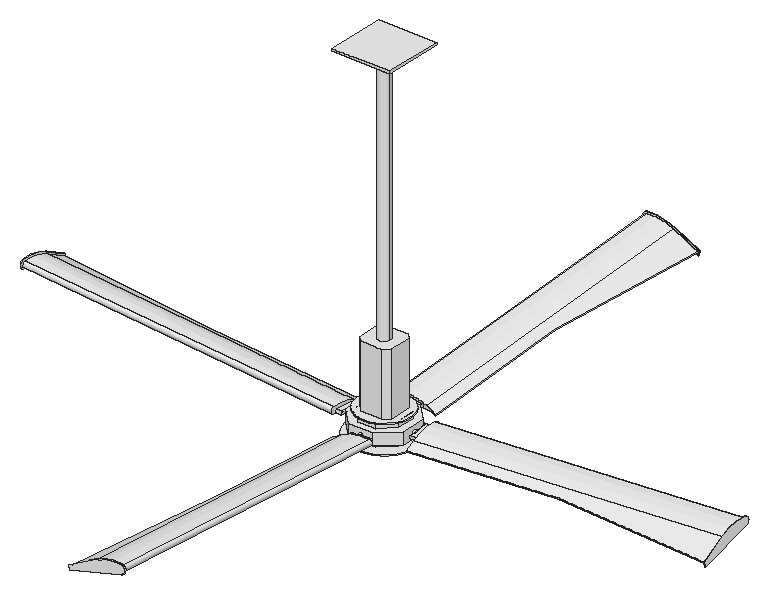
Revit family "Fan_HVLS_RiteHite_Revolution", category Mechanical Equipment, Revit 2015
Parameters (values of type "Fan_HVLS_RiteHite_Revolution")
  offset [instance] = 0' - 0"
  Zone 4 Radius From Center = 85' - 0"
  Zone 3 Radius From Center = 60' - 0"
  Zone 2 Radius From Center = 40' - 0"
  Zone 1 Radius From Center = 20' - 0"
  Weight = "As Specified in 23 34 00"
  Warranty Duration (Years) = 0
  Voltage_MEP = 0 V
  Unit Width = Fan Diameter  # 20' - 0"
  Unit Height [instance] = Ceiling Height - Mounting Height  # 10' - 0"
  Unit Depth = Fan Diameter  # 20' - 0"
  URL = "http://www.ritehite.com/"
  Tip Offset = 1' - 0"
  Test Data = "http://www.ritehite.com/ark/rhweb/rhtrunk.nsf/ETrunk+Overview!OpenPage"
  Specification = "http://www.arcat.com/sdspecs/htm/15830rhc.htm"
  SpecWizard = ""
  Sound Pressure = "40  to 63 dBA depending on fan speed"
  Show Air Movement [instance] = yes
  Send Message = "http://www.arcat.com/users.pl?action=UserEmail&company=Rite-Hite%20Corp.&coid=35200&rep=132&fax=414-355-9248&mf="
  Sales Information = "http://www.ritehite.com/ark/rhweb/rhhome.nsf/fRedirectHit!OpenForm"
  Revision = "R1_11-2010"
  Product Properties = "http://www.arcat.com/bim/bim_info.pl?fn=Rite-Hite"
  Product Data = "http://www.arcat.com/arcatcos/cos35/arc35200.html"
  Phase = 0
  Mounting Height [instance] = 30' - 0"
  Motor HP = 2
  Model = "As Specified in 23 34 00"
  Material = Metal - Aluminum - RiteHite - Polished
  Manufacturer Website = "http://www.ritehite.com/"
  Manufacturer Phone - Toll Free = "888-214-0882"
  Manufacturer Phone = "414-355-2600"
  Manufacturer Fax = "414-355-9248"
  Manufacturer Address = "8900 N. Arbon Dr., Milwaukee, WI 53223"
  Manufacturer = "Rite-Hite Corp"
  Maintenance Schedule (Months) = 0
  MEP Apparent Power = MEP Amperage * Voltage_MEP  # 0 VA
  MEP Amperage = 0 A
  Keynote = "23 34 00"
  Installation-Fabrication = "http://www.ritehite.com/ark/rhweb/rhtrunk.nsf/ETrunk+Overview!OpenPage"
  Installation Phase = ""
  Green Building-LEED = "http://www.arcat.com/green/clients/leed_data_35200.html"
  Fan Diameter = 20' - 0"
  Fan Control = "[Variable Speed][Fan Commander][Analog Remote]"
  Expected Lifespan (Years) = 0
  EA1 = 1
  Drawn By = "Sumex Design, Inc. / Robert S. Weygant, CSI, CDT, SCIP"
  Description = "Fan as Specified in 23 34 00"
  Default Elevation = 4' - 0"
  Copyright = "©Arcat Inc."
  Construction Details = "http://www.ritehite.com/ark/rhweb/rhtrunk.nsf/ETrunk+Overview!OpenPage"
  Ceiling Height [instance] = 40' - 0"
  Building Codes = ""
  Blade Length = ((Fan Diameter / 2) - 0' 10") / cos(Blade Angle)  # 9' - 2.29053"
  Blade Angle = atan((Tip Offset - 0' 4") / ((Fan Diameter / 2) - 0' 10"))  # 4.15964°
  Assembly Code = "D3040100"
  Air Movement (MPH) - Zone 4 = "As Specified in 23 34 00"
  Air Movement (MPH) - Zone 3 = "As Specified in 23 34 00"
  Air Movement (MPH) - Zone 2 = "As Specified in 23 34 00"
  Air Movement (MPH) - Zone 1 = "As Specified in 23 34 00"
  Air Movement (CFM) = "As Specified in 23 34 00"
  Accent Material = Metal - Aluminum - RiteHite - Polished
  4 Blade = yes
Reference planes (in)
  plane 1 "Center (Front/Back)": y = -5.01892
  plane 2 "Bottom": z = 0
  plane 3 "Center (Left/Right)": x = 12
  plane 4 "Front": y = -125.01892
  plane 5 "Back": y = 114.98108
  plane 6 "Left": x = -108
  plane 7 "Right": x = 132
  plane 8 "Top": z = -120
  plane 9: x = 2
  plane 10: x = 22
  plane 11: y = 4.98108
  plane 12: y = -15.01892
  plane 13: z = -90.25
  plane 14: z = -111.75
  plane 15: z = -116
  plane 16 "48" Above Floor": z = -120
  plane 17 "Floor": z = -480
Forms (in)
  Extrusion 1, solid, material "Metal - Aluminum - RiteHite - Polished" <- "Material"
    sketch origin (-41.46432, -180, -120) x (-1, 0, 0) y (0, -1, 0)
      loop
        circle (-53.46432, -174.98108) r 12
    from 0 to 0.25
  Extrusion 2, solid, material "Metal - Aluminum - RiteHite - Polished" <- "Material"
    sketch origin (-49.2961, -180, -116) x (-1, 0, 0) y (0, -1, 0)
      loop
        line (-57.15396, -184.98108) -> (-51.2961, -179.12322) -> (-51.2961, -170.83895) -> (-57.15396, -164.98108) -> (-65.43824, -164.98108) -> (-71.2961, -170.83895) -> (-71.2961, -179.12322) -> (-65.43824, -184.98108) -> (-57.15396, -184.98108)
    from -2 to 2
  Extrusion 3, solid, material "Metal - Aluminum - RiteHite - Polished" <- "Material"
    sketch origin (-60, -180, -111.75) x (-1, 0, 0) y (0, -1, 0)
      loop
        circle (-72, -174.98108) r 9
    from 0 to -0.25
  Extrusion 4, solid, material "Metal - Aluminum - RiteHite - Polished" <- "Material"
    sketch origin (-49.2961, -180, -116) x (-1, 0, 0) y (0, -1, 0)
      loop
        line (-58.1895, -182.48108) -> (-53.7961, -178.08768) -> (-53.7961, -171.87448) -> (-58.1895, -167.48108) -> (-64.4027, -167.48108) -> (-68.7961, -171.87448) -> (-68.7961, -178.08768) -> (-64.4027, -182.48108) -> (-58.1895, -182.48108)
    from -2 to -3.75
  Extrusion 5, solid, material "Metal - Aluminum - RiteHite - Polished" <- "Material"
    sketch origin (-49.2961, -180, -116) x (-1, 0, 0) y (0, -1, 0)
      loop
        line (-58.1895, -182.48108) -> (-53.7961, -178.08768) -> (-53.7961, -171.87448) -> (-58.1895, -167.48108) -> (-64.4027, -167.48108) -> (-68.7961, -171.87448) -> (-68.7961, -178.08768) -> (-64.4027, -182.48108) -> (-58.1895, -182.48108)
    from 2 to 4
  Extrusion 6, solid, material "Metal - Aluminum - RiteHite - Polished" <- "Material"
    sketch origin (-60, -180, -111.75) x (-1, 0, 0) y (0, -1, 0)
      loop
        line (-68.30761, -180.48108) -> (-66.5, -178.67347) -> (-66.5, -171.28869) -> (-68.30761, -169.48108) -> (-75.69239, -169.48108) -> (-77.5, -171.28869) -> (-77.5, -178.67347) -> (-75.69239, -180.48108) -> (-68.30761, -180.48108)
    from 0 to 21.5
  Extrusion 7, solid, material "Metal - Aluminum - RiteHite - Polished" <- "Material"
    sketch origin (0, 0, 0) x (1, 0, 0) y (0, 1, 0)
      loop
        line (2, 4.98108) -> (2, -15.01892) -> (22, -15.01892) -> (22, 4.98108) -> (2, 4.98108)
    from 0 to -0.75
  Extrusion 8, solid, material "Metal - Aluminum - RiteHite - Polished" <- "Material"
    sketch origin (0, 0, 0) x (1, 0, 0) y (0, 1, 0)
      loop
        circle (12, -5.01892) r 2
    from -0.75 to -90.25
  Blend 9, solid, material "Metal - Aluminum - RiteHite - Polished" <- "Material"
    base sketch origin (-0.03419, -9.95529, 0) x (0.707107, 0.707107, 0) y (-0.707107, 0.707107, 0)
      loop
        line (8.5, -5.26892) -> (15.5, -5.26892) -> (15.5, -4.76892) -> (8.5, -4.76892) -> (8.5, -5.26892)
    top sketch origin (-0.03419, -9.95529, 0) x (0.707107, 0.707107, 0) y (-0.707107, 0.707107, 0)
      loop
        line (13.75, -4.76892) -> (10.25, -4.76892) -> (10.25, -5.26892) -> (13.75, -5.26892) -> (13.75, -4.76892)
    from -0.75 to -8
  Blend 10, solid, material "Metal - Aluminum - RiteHite - Polished" <- "Material"
    base sketch origin (16.93637, -17.05311, 0) x (-0.707107, 0.707107, 0) y (-0.707107, -0.707107, 0)
      loop
        line (8.5, -5.26892) -> (15.5, -5.26892) -> (15.5, -4.76892) -> (8.5, -4.76892) -> (8.5, -5.26892)
    top sketch origin (16.93637, -17.05311, 0) x (-0.707107, 0.707107, 0) y (-0.707107, -0.707107, 0)
      loop
        line (13.75, -4.76892) -> (10.25, -4.76892) -> (10.25, -5.26892) -> (13.75, -5.26892) -> (13.75, -4.76892)
    from -0.75 to -8
Cuts and joins
  joined: Extrusion 8, Blend 9, Blend 10
Lines and regions (in)
  reference lines
    curve 1: line (22, -5.01892, -116) -> (132, -5.01892, -108)
    curve 2: line (2, -5.01892, -116) -> (-108, -5.01892, -108)
    curve 3: line (12, -15.01892, -116) -> (12, -125.01892, -108)
    curve 4: line (12, 4.98108, -116) -> (12, 114.98108, -108)
  model lines, detail levels medium+fine
    curve 5: line (11.05567, -10.51892, -94.5) -> (12.94239, -10.51892, -94.5)
    curve 6: line (11.05567, -10.51892, -111.75) -> (11.05567, -10.51892, -94.5)
    curve 7: line (12.94239, -10.51892, -94.5) -> (12.94239, -10.51892, -111.75)
    curve 8: line (16.39949, -9.81181, -94.5) -> (16.79289, -9.41841, -94.5)
    curve 9: line (16.39949, -9.81181, -111.75) -> (16.39949, -9.81181, -94.5)
    curve 10: line (16.79289, -9.41841, -94.5) -> (16.79289, -9.41841, -111.75)
    curve 11: line (7.20711, -9.41841, -94.5) -> (7.60051, -9.81181, -94.5)
    curve 12: line (7.20711, -9.41841, -111.75) -> (7.20711, -9.41841, -94.5)
    curve 13: line (7.60051, -9.81181, -94.5) -> (7.60051, -9.81181, -111.75)
    curve 14: line (7.60051, -0.22603, -94.5) -> (7.20711, -0.61942, -94.5)
    curve 15: line (7.60051, -0.22603, -111.75) -> (7.60051, -0.22603, -94.5)
    curve 16: line (7.20711, -0.61942, -94.5) -> (7.20711, -0.61942, -111.75)
    curve 17: line (16.79289, -0.61942, -94.5) -> (16.39949, -0.22603, -94.5)
    curve 18: line (16.79289, -0.61942, -111.75) -> (16.79289, -0.61942, -94.5)
    curve 19: line (16.39949, -0.22603, -94.5) -> (16.39949, -0.22603, -111.75)
    curve 20: line (17.5, -5.96131, -94.5) -> (17.5, -4.07653, -94.5)
    curve 21: line (17.5, -5.96131, -111.75) -> (17.5, -5.96131, -94.5)
    curve 22: line (17.5, -4.07653, -94.5) -> (17.5, -4.07653, -111.75)
    curve 23: line (12.94239, 0.48108, -94.5) -> (11.05761, 0.48108, -94.5)
    curve 24: line (12.94239, 0.48108, -111.75) -> (12.94239, 0.48108, -94.5)
    curve 25: line (11.05761, 0.48108, -94.5) -> (11.05761, 0.48108, -111.75)
    curve 26: line (6.5, -4.07653, -94.5) -> (6.5, -5.96131, -94.5)
    curve 27: line (6.5, -4.07653, -111.75) -> (6.5, -4.07653, -94.5)
    curve 28: line (6.5, -5.96131, -94.5) -> (6.5, -5.96131, -111.75)
  model lines, visible <- "Show Air Movement", detail levels fine
    curve 29: circle (12, -5.01892, -120) r 240 normal (0, 0, 1)
    curve 30: circle (12, -5.01892, -120) r 480 normal (0, 0, 1)
    curve 31: circle (12, -5.01892, -120) r 720 normal (0, 0, 1)
    curve 32: circle (12, -5.01892, -120) r 1020 normal (0, 0, 1)
  model lines, style "InvisibleLines", visible <- "Show Air Movement"
    curve 33: line (12, -5.01892, 0) -> (12, -5.01892, -480)
Dimensions and locks (in)
  "Unit Height": level to plane 8 "Top"
  equal spacing: plane 6 "Left", plane 3 "Center (Left/Right)", plane 7 "Right"
  "Unit Width": plane 6 "Left" to plane 7 "Right"
  equal spacing: plane 5 "Back", plane 1 "Center (Front/Back)", plane 4 "Front"
  "Unit Depth": plane 5 "Back" to plane 4 "Front"
  plane 12 to plane 1 "Center (Front/Back)" to plane 11 = 0' - 10" locked, 0' - 10" locked
  plane 9 to plane 3 "Center (Left/Right)" to plane 10 = 0' - 10" locked, 0' - 10" locked
  "Tip Offset": curve 2 to plane 8 "Top"
  "Tip Offset": curve 1 to plane 8 "Top"
  "Tip Offset": curve 4 to plane 8 "Top"
  "Tip Offset": curve 3 to plane 8 "Top"
  plane 13 to plane 14 to plane 8 "Top" = 1' - 9 1/2" locked, 0' - 8 1/4" locked
  locked: plane 15 to plane 8 "Top" at 4
  "Ceiling Height": level to plane 17 "Floor"
  "Unit Height": level to plane 16 "48" Above Floor"
  "Zone 1 Radius From Center": radius of curve 29
  "Zone 2 Radius From Center": radius of curve 30
  "Zone 3 Radius From Center": radius of curve 31
  "Zone 4 Radius From Center": radius of curve 32
  aligned and locked: plane 13 to Extrusion 6
  aligned and locked: Extrusion 8 to plane 13
  aligned and locked: plane 3 "Center (Left/Right)" to nested 8
  aligned and locked: plane 3 "Center (Left/Right)" to nested 7
  aligned and locked: plane 3 "Center (Left/Right)" to nested 6
  aligned and locked: plane 3 "Center (Left/Right)" to nested 5
  aligned and locked: plane 2 "Bottom" to curve 33
  aligned and locked: plane 17 "Floor" to curve 33
  aligned and locked: curve 33 to plane 3 "Center (Left/Right)"
Automatic sketch dimensions
  curve 2 to plane 6 "Left" = 0' - 0"
  curve 2 to plane 9 = 0' - 0"
  curve 1 to plane 10 = 0' - 0"
  curve 1 to plane 7 "Right" = 0' - 0"
  curve 2 to plane 15 = 0' - 0"
  curve 1 to plane 15 = 0' - 0"
  curve 3 to plane 4 "Front" = 0' - 0"
  curve 3 to plane 12 = 0' - 0"
  curve 4 to plane 11 = 0' - 0"
  curve 4 to plane 5 "Back" = 0' - 0"
  curve 4 to plane 15 = 0' - 0"
  curve 3 to plane 15 = 0' - 0"
  Extrusion 1 sketch curve to plane 1 "Center (Front/Back)" = 0' - 0"
  Extrusion 1 sketch curve to plane 3 "Center (Left/Right)" = 0' - 0"
  Extrusion 2 sketch curve to plane 10 = 0' - 0"
  Extrusion 2 sketch curve to plane 12 = 0' - 0"
  Extrusion 2 sketch curve to plane 11 = 0' - 0"
  Extrusion 2 sketch curve to plane 9 = 0' - 0"
  plane 3 "Center (Left/Right)" to Extrusion 2 sketch curve = 0' - 4.14214"  (x2)
  Extrusion 2 sketch curve to plane 3 "Center (Left/Right)" = 0' - 4.14214"  (x2)
  Extrusion 2 sketch curve to plane 1 "Center (Front/Back)" = 0' - 4.14214"  (x2)
  plane 1 "Center (Front/Back)" to Extrusion 2 sketch curve = 0' - 4.14214"  (x2)
  Extrusion 3 sketch curve to plane 1 "Center (Front/Back)" = 0' - 0"
  Extrusion 3 sketch curve to plane 3 "Center (Left/Right)" = 0' - 0"
  Extrusion 4 sketch curve to plane 10 = 0' - 2 1/2"
  plane 12 to Extrusion 4 sketch curve = 0' - 2 1/2"
  Extrusion 4 sketch curve to plane 11 = 0' - 2 1/2"
  plane 9 to Extrusion 4 sketch curve = 0' - 2 1/2"
  plane 3 "Center (Left/Right)" to Extrusion 4 sketch curve = 0' - 3.1066"  (x2)
  Extrusion 4 sketch curve to plane 3 "Center (Left/Right)" = 0' - 3.1066"  (x2)
  Extrusion 4 sketch curve to plane 1 "Center (Front/Back)" = 0' - 3.1066"  (x2)
  plane 1 "Center (Front/Back)" to Extrusion 4 sketch curve = 0' - 3.1066"  (x2)
  Extrusion 5 sketch curve to plane 10 = 0' - 2 1/2"
  plane 3 "Center (Left/Right)" to Extrusion 5 sketch curve = 0' - 3.1066"  (x2)
  Extrusion 5 sketch curve to plane 3 "Center (Left/Right)" = 0' - 3.1066"  (x2)
  plane 9 to Extrusion 5 sketch curve = 0' - 2 1/2"
  Extrusion 5 sketch curve to plane 11 = 0' - 2 1/2"
  Extrusion 5 sketch curve to plane 1 "Center (Front/Back)" = 0' - 3.1066"  (x2)
  plane 1 "Center (Front/Back)" to Extrusion 5 sketch curve = 0' - 3.1066"  (x2)
  plane 12 to Extrusion 5 sketch curve = 0' - 2 1/2"
  Extrusion 6 sketch curve to plane 10 = 0' - 4 1/2"
  plane 3 "Center (Left/Right)" to Extrusion 6 sketch curve = 0' - 3.69239"  (x2)
  Extrusion 6 sketch curve to plane 3 "Center (Left/Right)" = 0' - 3.69239"  (x2)
  plane 9 to Extrusion 6 sketch curve = 0' - 4 1/2"
  Extrusion 6 sketch curve to plane 11 = 0' - 4 1/2"
  Extrusion 6 sketch curve to plane 1 "Center (Front/Back)" = 0' - 3.69239"  (x2)
  plane 1 "Center (Front/Back)" to Extrusion 6 sketch curve = 0' - 3.69239"  (x2)
  plane 12 to Extrusion 6 sketch curve = 0' - 4 1/2"
  Extrusion 7 sketch curve to plane 9 = 0' - 0"
  Extrusion 7 sketch curve to plane 10 = 0' - 0"
  Extrusion 7 sketch curve to plane 12 = 0' - 0"
  Extrusion 7 sketch curve to plane 11 = 0' - 0"
  Extrusion 8 sketch curve to plane 1 "Center (Front/Back)" = 0' - 0"
  Extrusion 8 sketch curve to plane 3 "Center (Left/Right)" = 0' - 0"
  plane 1 "Center (Front/Back)" to Blend 9 sketch curve = 0' - 2.2981"
  Blend 9 sketch curve to plane 3 "Center (Left/Right)" = 0' - 2.65165"
  Blend 9 sketch curve to Blend 9 sketch curve = 0' - 7"
  Blend 9 sketch curve to Blend 9 sketch curve = 0' - 0 1/2"  (x2)
  plane 1 "Center (Front/Back)" to Blend 9 sketch curve = 0' - 1.06066"
  Blend 9 sketch curve to plane 3 "Center (Left/Right)" = 0' - 1.41421"
  Blend 9 sketch curve to Blend 9 sketch curve = 0' - 3 1/2"
  plane 3 "Center (Left/Right)" to Blend 10 sketch curve = 0' - 2.2981"
  plane 1 "Center (Front/Back)" to Blend 10 sketch curve = 0' - 2.65165"
  Blend 10 sketch curve to Blend 10 sketch curve = 0' - 7"
  Blend 10 sketch curve to Blend 10 sketch curve = 0' - 0 1/2"  (x2)
  plane 3 "Center (Left/Right)" to Blend 10 sketch curve = 0' - 1.06066"
  plane 1 "Center (Front/Back)" to Blend 10 sketch curve = 0' - 1.41421"
  Blend 10 sketch curve to Blend 10 sketch curve = 0' - 3 1/2"
  Extrusion 6 to curve 6 = 0' - 4 1/4"
  curve 6 to Extrusion 6 = 0' - 0"
  curve 7 to Extrusion 6 = 0' - 0"
  Extrusion 6 to curve 6 = 0' - 2.74806"
  curve 5 to curve 7 = 0' - 1 227/256"
  curve 9 to Extrusion 6 = 0' - 0"
  curve 10 to Extrusion 6 = 0' - 0"
  Extrusion 6 to curve 9 = 0' - 1"
  curve 10 to Extrusion 6 = 0' - 1"
  Extrusion 6 to curve 9 = 0' - 4 1/4"
  curve 12 to Extrusion 6 = 0' - 0"
  curve 13 to Extrusion 6 = 0' - 0"
  Extrusion 6 to curve 12 = 0' - 1"
  curve 11 to curve 13 = 0' - 0.55635"
  Extrusion 6 to curve 12 = 0' - 4 1/4"
  curve 15 to Extrusion 6 = 0' - 0"
  curve 16 to Extrusion 6 = 0' - 0"
  Extrusion 6 to curve 15 = 0' - 1"
  curve 14 to curve 16 = 0' - 0.55635"
  Extrusion 6 to curve 15 = 0' - 4 1/4"
  curve 18 to Extrusion 6 = 0' - 0"
  curve 19 to Extrusion 6 = 0' - 0"
  Extrusion 6 to curve 18 = 0' - 1"
  curve 17 to curve 19 = 0' - 0.55635"
  Extrusion 6 to curve 18 = 0' - 4 1/4"
  curve 21 to Extrusion 6 = 0' - 0"
  curve 22 to Extrusion 6 = 0' - 0"
  Extrusion 6 to curve 21 = 0' - 2 3/4"
  curve 20 to curve 22 = 0' - 1.88478"
  Extrusion 6 to curve 21 = 0' - 4 1/4"
  curve 24 to Extrusion 6 = 0' - 0"
  curve 25 to Extrusion 6 = 0' - 0"
  Extrusion 6 to curve 24 = 0' - 2 3/4"
  curve 23 to curve 25 = 0' - 1.88478"
  Extrusion 6 to curve 24 = 0' - 4 1/4"
  curve 27 to Extrusion 6 = 0' - 0"
  curve 28 to Extrusion 6 = 0' - 0"
  curve 27 to Extrusion 6 = 0' - 2 3/4"
  curve 26 to curve 28 = 0' - 1.88478"
  Extrusion 6 to curve 27 = 0' - 4 1/4"
  curve 29 to plane 1 "Center (Front/Back)" = 0' - 0"
  curve 29 to plane 3 "Center (Left/Right)" = 0' - 0"
  curve 29 to curve 30 = 0' - 0"  (x2)
  curve 29 to curve 31 = 0' - 0"  (x2)
  curve 29 to curve 32 = 0' - 0"  (x2)
  radius of Extrusion 1 sketch curve = 1' - 0"
  radius of Extrusion 3 sketch curve = 0' - 9"
  radius of Extrusion 8 sketch curve = 0' - 2"
Nested families (in)
  nested 1: "Blade_Standard" at (82.17032, 0, -111.62398) x (0.9974, 0, 0.0725) z (-0.0725, 0, 0.9974), Material <- "Accent Material", Unit Width <- "Blade Length", type "Blade_Standard"
    with offset 0' - 0", Unit Width 9' - 2.29053", Material Metal - Aluminum - RiteHite - Polished
  nested 2: "Blade_Standard" at (6.98108, 65.15772, -111.7109) x (0, 0.9974, 0.0725) z (0, -0.0725, 0.9974), Material <- "Accent Material", Unit Width <- "Blade Length", visible <- "4 Blade", type "Blade_Standard"
    with offset 0' - 0", Unit Width 9' - 2.29053", Material Metal - Aluminum - RiteHite - Polished
  nested 3: "Blade_Standard" at (-58.17032, -10.03784, -111.62398) x (-0.9974, 0, 0.0725) z (0.0725, 0, 0.9974), Material <- "Accent Material", Unit Width <- "Blade Length", type "Blade_Standard"
    with offset 0' - 0", Unit Width 9' - 2.29053", Material Metal - Aluminum - RiteHite - Polished
  nested 4: "Blade_Standard" at (17.01892, -75.18923, -111.62398) x (0, -0.9974, 0.0725) z (0, 0.0725, 0.9974), Material <- "Accent Material", Unit Width <- "Blade Length", visible <- "4 Blade", type "Blade_Standard"
    with offset 0' - 0", Unit Width 9' - 2.29053", Material Metal - Aluminum - RiteHite - Polished
  nested 5: "Anno" at (12, -70.46297, 0), LabelText <- "Air Movement (MPH) - Zone 1", visible <- "Show Air Movement", type "Anno", detail levels fine
    with LabelText "As Specified in 23 34 00"
  nested 6: "Anno" at (12, -351.60416, 0), LabelText <- "Air Movement (MPH) - Zone 2", visible <- "Show Air Movement", type "Anno", detail levels fine
    with LabelText "As Specified in 23 34 00"
  nested 7: "Anno" at (12, -603.03348, 0), LabelText <- "Air Movement (MPH) - Zone 3", visible <- "Show Air Movement", type "Anno", detail levels fine
    with LabelText "As Specified in 23 34 00"
  nested 8: "Anno" at (12, -895.43286, 0), LabelText <- "Air Movement (MPH) - Zone 4", visible <- "Show Air Movement", type "Anno", detail levels fine
    with LabelText "As Specified in 23 34 00"
Connectors (in)
  electrical at (12, -5.01892, 0), driven by "Voltage_MEP", driven by "MEP Apparent Power", driven by "Description"
    settings: on Extrusion 7, index 1, voltage 0 V, apparent load 0 VA, apparent load phase1 0 VA, apparent load phase2 0 VA, apparent load phase3 0 VA, power factor 1, load classification "HVAC", number of poles 1, system type 31, power factor state 1, is connector primary yes, connector utility no, sub classification motor no, connector description "Fan as Specified in 23 34 00"
Definition of nested family "Blade_Standard"
  Parameters
    offset [instance] = 0' - 0"
    Weight = ""
    Warranty Duration (Years) = 0
    Voltage = 0
    Unit Width [instance] = 10' - 0"
    Unit Height = 4' - 3 1/4"
    Unit Depth = 1' - 2"
    URL = ""
    Test Data = "http://www.ritehite.com/ark/rhweb/rhtrunk.nsf/ETrunk+Overview!OpenPage"
    Specification = "http://www.arcat.com/sdspecs/htm/15830rhc.htm"
    SpecWizard = ""
    Send Message = "http://www.arcat.com/users.pl?action=UserEmail&company=Rite-Hite%20Corp.&coid=35200&rep=132&fax=414-355-9248&mf="
    Sales Information = "http://www.ritehite.com/ark/rhweb/rhhome.nsf/fRedirectHit!OpenForm"
    Revision = "R1_11-2010"
    Product Properties = "http://www.arcat.com/bim/bim_info.pl?fn=Rite-Hite"
    Product Data = "http://www.arcat.com/arcatcos/cos35/arc35200.html"
    Phase = 0
    Motor HP = 1
    Model = "As Specified in 23 34 00"
    Material [instance] = none
    Manufacturer Website = "http://www.ritehite.com/"
    Manufacturer Phone - Toll Free = "888-214-0882"
    Manufacturer Phone = "414-355-2600"
    Manufacturer Fax = "414-355-9248"
    Manufacturer Address = "8900 N. Arbon Dr., Milwaukee, WI 53223"
    Manufacturer = "Rite-Hite Corp"
    Maintenance Schedule (Months) = 0
    Keynote = "23 34 00"
    Installation-Fabrication = "http://www.ritehite.com/ark/rhweb/rhtrunk.nsf/ETrunk+Overview!OpenPage"
    Installation Phase = ""
    Green Building-LEED = "http://www.arcat.com/green/clients/leed_data_35200.html"
    Expected Lifespan (Years) = 0
    Drawn By = "Sumex Design, Inc. / Robert S. Weygant, CSI, CDT, SCIP"
    Description = "Fan as Specified in 23 34 00"
    Default Elevation = 4' - 0"
    Copyright = "©Arcat Inc."
    Construction Details = "http://www.ritehite.com/ark/rhweb/rhtrunk.nsf/ETrunk+Overview!OpenPage"
    Building Codes = ""
    Assembly Code = "D3040100"
  Reference planes (in)
    plane 1 "Center (Front/Back)": y = -5.01892
    plane 2 "Bottom": z = 0
    plane 3 "Center (Left/Right)": x = -60
    plane 4 "Front": y = -12.01892
    plane 5 "Back": y = 1.98108
    plane 6 "Right": x = 60
    plane 7: x = 0
    plane 8: x = -57
  Forms (in)
    Extrusion 1, solid, material <- "Material"
      sketch origin (60, 12.00845, 49.18074) x (0, 0.996195, 0.087156) y (0, -0.087156, 0.996195)
        loop
          arc (-15.73383, -48.73944) -> (-14.49449, -47.2863) -> (-15.68655, -45.79413) r 1.5
          arc (-15.68655, -45.79413) -> (-20.56749, -45.52728) -> (-25.30446, -46.73385) r 16.14021
          line (-25.30446, -46.73385) -> (-34.04925, -50.4458) -> (-33.78878, -51.92301) -> (-15.73383, -48.73944)
      from 0 to -0.25
    Extrusion 2, solid, material <- "Material"
      sketch origin (-60, -0.0911, -0.06119) x (0, 0.996195, 0.087156) y (0, -0.087156, 0.996195)
        loop
          arc (0.55608, 1.7165) -> (-4.17365, 1.97509) -> (-8.76387, 0.80589) r 15.64021
          line (-8.76387, 0.80589) -> (-10.64038, 0.00937) -> (-10.64038, -0.26222) -> (0.35092, -0.26222)
          arc (0.35092, -0.26222) -> (1.34559, 0.63464) -> (0.55608, 1.7165) r 1
      from 3 to 119.75
    Extrusion 3, solid, material <- "Material"
      sketch origin (-60, -0.0911, -0.06119) x (0, 0.996195, 0.087156) y (0, -0.087156, 0.996195)
        loop
          line (-10.64038, 0.00937) -> (-12.01892, -0.57579) -> (-12.01892, -0.84738) -> (-10.64038, -0.26222) -> (-10.64038, 0.00937)
      from 3 to 60
    Blend 4, solid, material <- "Material"
      base sketch origin (0, 12.84307, 49.25376) x (0, 0.996195, 0.087156) y (0, -0.087156, 0.996195)
        loop
          line (-27.82341, -47.99063) -> (-29.20195, -48.57579) -> (-29.20195, -48.84738) -> (-27.82341, -48.26222) -> (-27.82341, -47.99063)
      top sketch origin (0, 12.84307, 49.25376) x (0, 0.996195, 0.087156) y (0, -0.087156, 0.996195)
        loop
          line (-27.82341, -47.99063) -> (-34.3256, -50.75065) -> (-34.22102, -51.34378) -> (-27.82341, -48.26222) -> (-27.82341, -47.99063)
      from 0 to 59.75
    Sweep 5, solid, material <- "Material"
      path origin (-60, 0, 0) x (0, 1, 0) y (0, 0, 1)
        loop
          line (-7.5094, -0.21789) -> (-0.53604, 0.3922)
      profile origin (-60, -4.02272, 0.08716) x (0, -0.087156, 0.996195) y (1, 0, 0)
        loop
          line (-0.5, 3) -> (-0.5, 1)
          arc (-0.5, 1) -> (0, 0.5) -> (0.5, 1) r 0.5
          line (0.5, 1) -> (0.5, 3) -> (-0.5, 3)
    Extrusion 6, solid, material <- "Material"
      sketch origin (-60, -0.99619, -0.08716) x (0, 1, 0) y (0, 0, 1)
        loop
          circle (-4.02272, 0.08716) r 0.625
      from 0 to 1
  Cuts and joins
    joined: Extrusion 2, Extrusion 3, Blend 4, Sweep 5, Extrusion 6
  Dimensions and locks (in)
    "Unit Width": plane 3 "Center (Left/Right)" to plane 6 "Right"
    equal spacing: plane 5 "Back", plane 1 "Center (Front/Back)", plane 4 "Front"
    "Unit Depth": plane 5 "Back" to plane 4 "Front"
    equal spacing: plane 3 "Center (Left/Right)", plane 7, plane 6 "Right"
    locked: Extrusion 2 to plane 6 "Right" at 0.25
    locked: Blend 4 to plane 6 "Right" at 0.25
    locked: plane 3 "Center (Left/Right)" to plane 8 at 3
    aligned and locked: plane 7 to Extrusion 3
    aligned and locked: Extrusion 2 to plane 8
    aligned and locked: cut or joined group of Extrusion 2, Extrusion 3, Blend 4, Sweep 5, Extrusion 6 to plane 8
  Automatic sketch dimensions
    Extrusion 1 sketch curve to level = 0' - 4.04069"
    Extrusion 1 sketch curve to plane 4 "Front" = 0' - 5.49568"
    Extrusion 1 sketch curve to Extrusion 1 sketch curve = 0' - 0.26047"  (x2)
    Extrusion 1 sketch curve to Extrusion 1 sketch curve = 0' - 8.7448"
    Extrusion 1 sketch curve to Extrusion 1 sketch curve = 0' - 6.30648"
    Extrusion 1 sketch curve to Extrusion 1 sketch curve = 0' - 9.31016"
    Extrusion 1 sketch curve to Extrusion 1 sketch curve = 0' - 0.30775"
    Extrusion 1 sketch curve to Extrusion 1 sketch curve = 0' - 0"
    Extrusion 1 sketch curve to Extrusion 1 sketch curve = 0' - 1.47721"
    Extrusion 1 sketch curve to Extrusion 1 sketch curve = 1' - 0 109/128"
    Extrusion 2 sketch curve to level = 0' - 1.24979"
    plane 4 "Front" to Extrusion 2 sketch curve = 0' - 1.35079"
    Extrusion 2 sketch curve to Extrusion 2 sketch curve = 0' - 1.8765"
    Extrusion 2 sketch curve to Extrusion 2 sketch curve = 0' - 7.98762"
    Extrusion 2 sketch curve to Extrusion 2 sketch curve = 0' - 9.11479"
    Extrusion 2 sketch curve to Extrusion 2 sketch curve = 0' - 0.20517"
    Extrusion 2 sketch curve to Extrusion 2 sketch curve = 0' - 0"
    Extrusion 2 sketch curve to Extrusion 2 sketch curve = 1' - 1.32877"
    Extrusion 2 sketch curve to Extrusion 2 sketch curve = 0' - 0.27159"
    plane 4 "Front" to Extrusion 3 sketch curve = 0' - 0.00482"
    Extrusion 3 sketch curve to level = 0' - 1.68231"
    Extrusion 3 sketch curve to Extrusion 3 sketch curve = 0' - 1.37854"
    Extrusion 3 sketch curve to Extrusion 3 sketch curve = 0' - 0.27159"  (x2)
    Extrusion 3 sketch curve to Extrusion 3 sketch curve = 0' - 0.31357"
    plane 4 "Front" to Blend 4 sketch curve = 0' - 0.00482"
    Blend 4 sketch curve to level = 0' - 1.68231"
    Blend 4 sketch curve to Blend 4 sketch curve = 0' - 1.37854"
    Blend 4 sketch curve to Blend 4 sketch curve = 0' - 0.27159"  (x3)
    Blend 4 sketch curve to Blend 4 sketch curve = 0' - 0.31357"
    Blend 4 sketch curve to level = 0' - 4.29545"
    Blend 4 sketch curve to plane 4 "Front" = 0' - 4.90978"
    Blend 4 sketch curve to Blend 4 sketch curve = 0' - 0.10459"
    Blend 4 sketch curve to Blend 4 sketch curve = 0' - 6.50219"
    Blend 4 sketch curve to Blend 4 sketch curve = 0' - 0.59313"
    Blend 4 sketch curve to Blend 4 sketch curve = 0' - 2.48843"
    plane 4 "Front" to Sweep 5 sketch curve = 0' - 4.50951"
    level to Sweep 5 sketch curve = 0' - 0.3922"
    Sweep 5 sketch curve to plane 5 "Back" = 0' - 2.51712"
    Sweep 5 sketch curve to level = 0' - 0.21789"
    plane 3 "Center (Left/Right)" to Sweep 5 sketch curve = 0' - 1"
    Sweep 5 sketch curve to profile plane = 0' - 0"
    profile plane to Sweep 5 sketch curve = 0' - 0 1/2"
    plane 3 "Center (Left/Right)" to Sweep 5 sketch curve = 0' - 3"
    level to Extrusion 6 sketch curve = 0' - 0"
    Extrusion 6 sketch curve to plane 1 "Center (Front/Back)" = 0' - 0"
    radius of Extrusion 6 sketch curve = 0' - 0 5/8"
Definition of nested family "Anno"
  Parameters
    Model = "30\" - 1Drw-2Dr"
    LabelText [instance] = "1"
  Reference planes (in)
    plane 1: y = 0
    plane 2: x = 0
  Text (in)
    label "Model" at (0.05995, 0.00161, 0), shows "Model"
